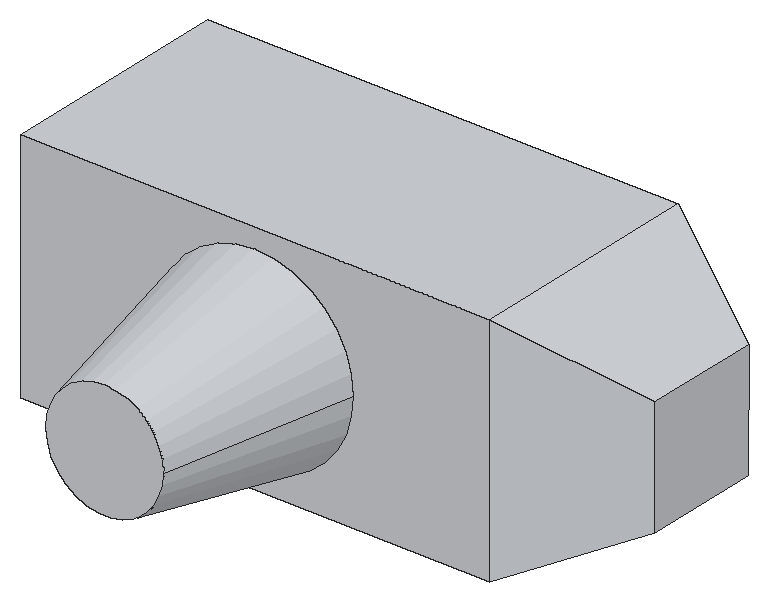
Revit family "M_T retangular para redondo com transição - Torneira cônica", category Conexões de duto, Revit 2019
Family settings
  Cota do conector redondo = Usar raio
  Tipo de parte = Tê
  Número OmniClass = 23.75.70.14
  Título OmniClass = Air Ductwork
  ID de item do Seek = Rectangular to Round Tee with Transition -  Conical Tap-0000-CAN-ENU
  Com base no plano de trabalho = Não
  Sempre na vertical = Sim
  Corte com vazios quando carregada = Não
  Compartilhado = Não
Parameters (values of type "Padrão")
  Largura do duto 2 [instance] = 150 mm
  Largura do duto 1 [instance] = 300 mm
  Raio do duto 1 [instance] = 75 mm
  Raio do duto 2 [instance] = if(Altura do duto 1 > Comprimento do duto 1, (Comprimento do duto 1 - 50 mm) / 2, (Altura do duto 1 - 50 mm) / 2)  # 125 mm
  Comprimento do duto 2 [instance] = Largura do duto 2  # 150 mm
  Comprimento do duto 3 [instance] = Largura do duto 1 * 0.8  # 240 mm
  Comprimento do duto 1 [instance] = Largura do duto 1 * 2  # 600 mm
  Altura do duto 2 [instance] = 150 mm
  Altura do duto 1 [instance] = 300 mm
  Diâmetro do duto 1 [instance] = Raio do duto 1 * 2  # 150 mm
  Diâmetro do duto 2 [instance] = Raio do duto 2 * 2  # 250 mm
  Assembly Code = ""
Reference planes
  plane 1 "Centro (Frente/Trás)": y = 0
  plane 2: z = 0
  plane 3 "Centro (Esquerda/Direita)": x = 0
  plane 4: y = 150
  plane 5: y = -150
  plane 6: x = -300
  plane 7: x = 300
  plane 8: z = 150
  plane 9: z = -150
  plane 10: y = -390
  plane 11: y = 152.4
  plane 12: y = -152.4
  plane 13: z = 152.4
  plane 14: z = -152.4
  plane 15: z = 152.4
  plane 16: z = -152.4
  plane 17: x = 450
  plane 18: z = 75
  plane 19: z = -75
  plane 20: y = 75
  plane 21: y = -75
  plane 22: z = 76.2
  plane 23: z = -76.2
  plane 24: y = 76.2
  plane 25: y = -76.2
  plane 26: z = 76.2
  plane 27: z = -76.2
  plane 28: y = 76.2
  plane 29: y = -76.2
Forms (mm)
  Extrusion 1, solid, detail levels medium+fine
    sketch origin (0, 0, 0) x (1, 0, 0) y (0, 1, 0)
      loop
        line (-300, 150) -> (-300, -150) -> (300, -150) -> (300, 150) -> (-300, 150)
    from -150 to 150
  Blend 2, solid, detail levels medium+fine
    base sketch origin (0, 0, 0) x (1, 0, 0) y (0, 0, 1)
      loop
        circle (0, 0) r 125
    top sketch origin (0, 0, 0) x (1, 0, 0) y (0, 0, 1)
      loop
        circle (0, 0) r 75
    from 150 to 390
  Extrusion 3, solid, detail levels medium+fine
    sketch origin (0, 0, 0) x (1, 0, 0) y (0, 0, 1)
      loop
        circle (0, 0) r 12.7
    from 150 to 390
  Blend 4, solid, detail levels medium+fine
    base sketch origin (0, 0, 0) x (0, 1, 0) y (0, 0, 1)
      loop
        line (150, 150) -> (-150, 150) -> (-150, -150) -> (150, -150) -> (150, 150)
    top sketch origin (0, 0, 0) x (0, 1, 0) y (0, 0, 1)
      loop
        line (75, 75) -> (-75, 75) -> (-75, -75) -> (75, -75) -> (75, 75)
    from 300 to 450
  Extrusion 5, solid, detail levels medium+fine
    sketch origin (0, 0, 0) x (0, 1, 0) y (0, 0, 1)
      loop
        circle (0, 0) r 12.7
    from 300 to 450
Cuts and joins
  joined: Extrusion 1, Blend 2, Extrusion 3, Blend 4, Extrusion 5
Lines and regions (mm)
  model lines, detail levels coarse
    curve 1: line (-300, 0, 0) -> (300, 0, 0)
    curve 2: line (0, 0, 0) -> (0, -390, 0)
    curve 3: line (300, 0, 0) -> (450, 0, 0)
Dimensions and locks
  equal spacing: plane 4, plane 1 "Centro (Frente/Trás)", plane 5
  "Largura do duto 1": plane 4 to plane 5
  equal spacing: plane 6, plane 3 "Centro (Esquerda/Direita)", plane 7
  "Comprimento do duto 1": plane 6 to plane 7
  equal spacing: plane 8, plane 2, plane 9
  "Altura do duto 1": plane 8 to plane 9
  "Comprimento do duto 3": plane 5 to plane 10
  equal spacing: plane 11, plane 1 "Centro (Frente/Trás)", plane 12
  equal spacing: plane 13, plane 2, plane 14
  equal spacing: plane 15, plane 2, plane 16
  "Comprimento do duto 2": plane 7 to plane 17
  equal spacing: plane 18, plane 2, plane 19
  "Altura do duto 2": plane 18 to plane 19
  equal spacing: plane 20, plane 1 "Centro (Frente/Trás)", plane 21
  "Largura do duto 2": plane 20 to plane 21
  equal spacing: plane 22, plane 2, plane 23
  equal spacing: plane 24, plane 1 "Centro (Frente/Trás)", plane 25
  equal spacing: plane 26, plane 2, plane 27
  equal spacing: plane 28, plane 1 "Centro (Frente/Trás)", plane 29
  "Raio do duto 2": radius of Blend 2 sketch curve
  "Raio do duto 1": radius of Blend 2 sketch curve
  radius of Extrusion 3 sketch curve = 12.7 mm
  radius of Extrusion 5 sketch curve = 12.7 mm
  aligned and locked: plane 6 to Extrusion 1 sketch curve
  aligned and locked: Extrusion 1 sketch curve to plane 4
  aligned and locked: plane 5 to Extrusion 1 sketch curve
  aligned and locked: Extrusion 1 sketch curve to plane 7
  aligned and locked: Extrusion 1 to plane 9
  aligned and locked: plane 8 to Extrusion 1
  aligned and locked: plane 2 to Blend 2 sketch curve  (x2)
  aligned and locked: plane 3 "Centro (Esquerda/Direita)" to Blend 2 sketch curve  (x2)
  aligned and locked: Blend 2 to plane 10
  aligned and locked: plane 6 to curve 1
  aligned and locked: plane 1 "Centro (Frente/Trás)" to curve 1
  aligned and locked: plane 10 to curve 2
  aligned and locked: curve 2 to plane 3 "Centro (Esquerda/Direita)"
  aligned and locked: plane 2 to Extrusion 3 sketch curve
  aligned and locked: plane 3 "Centro (Esquerda/Direita)" to Extrusion 3 sketch curve
  aligned and locked: Extrusion 3 to plane 10
  aligned and locked: plane 5 to Blend 4 sketch curve
  aligned and locked: Blend 4 sketch curve to plane 8
  aligned and locked: Blend 4 sketch curve to plane 4
  aligned and locked: plane 9 to Blend 4 sketch curve
  aligned and locked: plane 17 to Blend 4
  aligned and locked: Blend 4 to plane 7
  aligned and locked: plane 2 to Extrusion 5 sketch curve
  aligned and locked: plane 1 "Centro (Frente/Trás)" to Extrusion 5 sketch curve
  aligned and locked: plane 17 to Extrusion 5
  aligned and locked: Extrusion 5 to plane 7
  aligned and locked: plane 17 to curve 3
  aligned and locked: plane 7 to curve 3
  aligned and locked: plane 1 "Centro (Frente/Trás)" to curve 3
  aligned and locked: Blend 4 sketch curve to plane 18
  aligned and locked: plane 19 to Blend 4 sketch curve
  aligned and locked: Blend 4 sketch curve to plane 21
  aligned and locked: plane 20 to Blend 4 sketch curve
  aligned and locked: cut or joined group of Extrusion 1, Blend 2, Extrusion 3, Blend 4, Extrusion 5 to Extrusion 3
  aligned and locked: plane 5 to cut or joined group of Extrusion 1, Blend 2, Extrusion 3, Blend 4, Extrusion 5
Connectors
  hvac at (-300, 0, 0), driven by "Altura do duto 1", driven by "Largura do duto 1"
    settings: on cut or joined group of Extrusion 1, Blend 2, Extrusion 3, Blend 4, Extrusion 5, index 1, duct flow 0.0 L/s, flow factor 0, pres drop 0.0 Pa, loss coef 0, conn angle 0.00°, conn width 300 mm, conn height 300 mm, conn diameter 609.6 mm, duct sys type 28, conn prof type 1, flow config 0, flow direction 0, loss method 0, conn ref index 2, conn util no, is conn primary yes, conn desc ""
  hvac at (450, 0, 0), driven by "Altura do duto 2", driven by "Largura do duto 2"
    settings: on Extrusion 5, index 2, duct flow 0.0 L/s, flow factor 0, pres drop 0.0 Pa, loss coef 0, conn angle 0.00°, conn width 150 mm, conn height 150 mm, conn diameter 609.6 mm, duct sys type 28, conn prof type 1, flow config 0, flow direction 0, loss method 0, conn ref index 1, conn util no, is conn primary no, conn desc ""
  hvac at (0, -390, 0), driven by "Raio do duto 1"
    settings: on cut or joined group of Extrusion 1, Blend 2, Extrusion 3, Blend 4, Extrusion 5, index 3, duct flow 0.0 L/s, flow factor 0, pres drop 0.0 Pa, loss coef 0, conn angle 0.00°, conn width 304.8 mm, conn height 304.8 mm, conn diameter 150 mm, duct sys type 28, conn prof type 0, flow config 0, flow direction 0, loss method 0, conn ref index -1, conn util no, is conn primary no, conn desc ""
